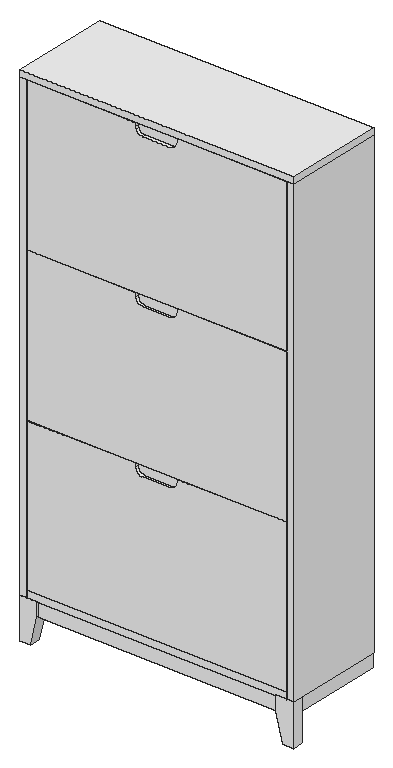
Revit family "022f5f476aee45979723fed7a5d9fd41", category Mobilier, Revit 2021
Family settings
  Numéro OmniClass = 23.40.20.00
  Titre OmniClass = General Furniture and Specialties
  Basée sur le plan de construction = Non
  Toujours verticalement = Oui
  Couper avec des vides une fois chargée = Non
  Partagée = Non
  Point de calcul de pièce = Non
Parameters (values of type "79 x 29 x 148 cm - Blanc brillant")
  Elévation par défaut = 0 mm
  Profondeur = 290 mm
  Mobilier = Aggloméré - Blanc brillant
  Largeur = 790 mm
  Hauteur = 1480 mm
Types (3, lengths in mm): name | Mobilier
  (no name) | Aggloméré - Blanc brillant
  79 x 29 x 148 cm - Blanc brillant | Aggloméré - Blanc brillant
  79 x 29 x 148 cm - Noir brillant | Aggloméré - Noir brillant
Reference planes
  plane 1 "Centre (avant/arrière)": y = 0
  plane 2: z = 0
  plane 3 "Centre (gauche/droite)": x = 0
  plane 4: x = -395
  plane 5: x = 395
  plane 6: y = -290
  plane 7: z = 1480
  plane 8: z = 120
  plane 9: z = 1461
  plane 10: z = 139
  plane 11: z = 579.667
  plane 12: z = 1020.333
Forms (mm)
  Extrusion 1, solid, material "Aggloméré - Blanc brillant" <- "Mobilier"
    sketch origin (-788.583, -290, 1200) x (-1, 0, 0) y (0, 0, 1)
      loop
        line (-393.583, -1200) -> (-393.583, -1080) -> (-443.583, -1080) -> (-443.583, -1120) -> (-423.583, -1200) -> (-393.583, -1200)
      loop
        line (-1183.583, -1200) -> (-1153.583, -1200) -> (-1133.583, -1120) -> (-1133.583, -1080) -> (-1183.583, -1080) -> (-1183.583, -1200)
    from 0 to 30
  Extrusion 2, solid, material "Aggloméré - Blanc brillant" <- "Mobilier"
    sketch origin (-788.583, -290, 1200) x (-1, 0, 0) y (0, 0, 1)
      loop
        line (-443.583, -1080) -> (-1133.583, -1080) -> (-1133.583, -1120) -> (-443.583, -1120) -> (-443.583, -1080)
    from 1 to 29
  Extrusion 3, solid, material "Aggloméré - Blanc brillant" <- "Mobilier"
    sketch origin (-395, 178.469, 1200) x (0, 1, 0) y (0, 0, 1)
      loop
        line (-178.469, -1080) -> (-438.469, -1080) -> (-438.469, -1120) -> (-178.469, -1120) -> (-178.469, -1080)
    from 1 to 29
  Extrusion 4, solid, material "Aggloméré - Blanc brillant" <- "Mobilier"
    sketch origin (395, 178.469, 1200) x (0, 1, 0) y (0, 0, 1)
      loop
        line (-178.469, -1080) -> (-438.469, -1080) -> (-438.469, -1120) -> (-178.469, -1120) -> (-178.469, -1080)
    from -1 to -29
  Extrusion 5, solid, material "Aggloméré - Blanc brillant" <- "Mobilier"
    sketch origin (0, 223.958, 120) x (0, 1, 0) y (-1, 0, 0)
      loop
        line (-513.958, 395) -> (-513.958, 376) -> (-223.958, 376) -> (-223.958, 395) -> (-513.958, 395)
      loop
        line (-513.958, -376) -> (-513.958, -395) -> (-223.958, -395) -> (-223.958, -376) -> (-513.958, -376)
    from 0 to 1341
  Extrusion 6, solid, material "Aggloméré - Blanc brillant" <- "Mobilier"
    sketch origin (-844.046, -1524, 1461) x (-1, 0, 0) y (0, -1, 0)
      loop
        line (-449.046, -1524) -> (-449.046, -1234) -> (-1239.046, -1234) -> (-1239.046, -1524) -> (-449.046, -1524)
    from 0 to 19
  Extrusion 7, solid, material "Aggloméré - Blanc brillant" <- "Mobilier"
    sketch origin (0, 223.958, 120) x (0, 1, 0) y (-1, 0, 0)
      loop
        line (-223.958, 376) -> (-513.958, 376) -> (-513.958, -376) -> (-223.958, -376) -> (-223.958, 376)
    from 0 to 19
  Extrusion 8, solid, material "Aggloméré - Blanc brillant" <- "Mobilier"
    sketch origin (0, 0, 0) x (1, 0, 0) y (0, 0, 1)
      loop
        line (376, 139) -> (376, 1461) -> (-376, 1461) -> (-376, 139) -> (376, 139)
    from 0 to 5
  Extrusion 9, solid, material "Aggloméré - Blanc brillant" <- "Mobilier"
    sketch origin (-788.583, -290, 1200) x (-1, 0, 0) y (0, 0, 1)
      loop
        line (-413.583, -619.333) -> (-413.583, -180.667) -> (-728.583, -180.667) -> (-728.583, -189.611)
        arc (-728.583, -189.611) -> (-734.527, -203.962) -> (-748.879, -209.907) r 20.296
        line (-748.879, -209.907) -> (-828.299, -209.907)
        arc (-828.299, -209.907) -> (-842.656, -203.96) -> (-848.603, -189.603) r 20.304
        line (-848.603, -189.603) -> (-848.603, -180.667) -> (-1163.583, -180.667) -> (-1163.583, -619.333) -> (-413.583, -619.333)
      loop
        line (-413.583, 260) -> (-728.583, 260) -> (-728.583, 251.009)
        arc (-728.583, 251.009) -> (-734.443, 236.86) -> (-748.591, 231) r 20.009
        line (-748.591, 231) -> (-828.595, 231)
        arc (-828.595, 231) -> (-842.743, 236.86) -> (-848.603, 251.008) r 20.008
        line (-848.603, 251.008) -> (-848.603, 260) -> (-1163.583, 260) -> (-1163.583, -178.667) -> (-413.583, -178.667) -> (-413.583, 260)
      loop
        line (-413.583, -1060) -> (-413.583, -621.333) -> (-728.583, -621.333) -> (-728.583, -630.133)
        arc (-728.583, -630.133) -> (-734.499, -644.417) -> (-748.783, -650.333) r 20.2
        line (-748.783, -650.333) -> (-828.395, -650.333)
        arc (-828.395, -650.333) -> (-842.684, -644.414) -> (-848.603, -630.125) r 20.208
        line (-848.603, -630.125) -> (-848.603, -621.333) -> (-1163.583, -621.333) -> (-1163.583, -1060) -> (-413.583, -1060)
    from 0 to 8
Dimensions and locks
  "Profondeur": plane 6 to plane 1 "Centre (avant/arrière)"
  equal spacing: plane 4, plane 3 "Centre (gauche/droite)", plane 5
  "Largeur": plane 4 to plane 5
  "Hauteur": plane 7 to level
  locked: Extrusion 1 sketch curve to plane 4 at 50
  locked: plane 8 to Extrusion 1 sketch curve at 40  (x2)
  locked: Extrusion 1 sketch curve to plane 4 at 30
  locked: plane 5 to Extrusion 1 sketch curve at 50
  locked: plane 5 to Extrusion 1 sketch curve at 30
  locked: Extrusion 2 sketch curve to plane 4 at 50
  locked: plane 5 to Extrusion 2 sketch curve at 50
  locked: plane 8 to Extrusion 2 sketch curve at 40
  locked: plane 8 to Extrusion 3 sketch curve at 40
  locked: Extrusion 3 sketch curve to plane 6 at 30
  locked: plane 8 to Extrusion 4 sketch curve at 40
  locked: plane 6 to Extrusion 4 sketch curve at 30
  locked: plane 7 to plane 9 at 19
  locked: plane 4 to Extrusion 5 sketch curve at 19
  locked: Extrusion 5 sketch curve to plane 5 at 19
  locked: plane 4 to Extrusion 7 sketch curve at 19
  locked: Extrusion 7 sketch curve to plane 5 at 19
  locked: plane 10 to plane 8 at 19
  equal spacing: plane 9, plane 12, plane 11, plane 10
  Extrusion 9 sketch curve to plane 11 to Extrusion 9 sketch curve = 1 mm locked, 1 mm locked
  locked: plane 9 to Extrusion 9 sketch curve at 1
  locked: Extrusion 9 sketch curve to plane 10 at 1
  locked: Extrusion 9 sketch curve to plane 4 at 20
  locked: plane 5 to Extrusion 9 sketch curve at 20
  Extrusion 9 sketch curve to plane 12 to Extrusion 9 sketch curve = 1 mm locked, 1 mm locked
  locked: plane 9 to Extrusion 9 sketch curve at 30
  plane 12 to Extrusion 9 sketch curve = 30.24 mm
  locked: plane 11 to Extrusion 9 sketch curve at 30
  Extrusion 9 sketch curve to plane 3 "Centre (gauche/droite)" to Extrusion 9 sketch curve = 60 mm locked, 60.02 mm locked
  aligned and locked: level to plane 2
  aligned and locked: plane 4 to Extrusion 1 sketch curve
  aligned and locked: level to Extrusion 1 sketch curve
  aligned and locked: Extrusion 1 sketch curve to plane 8
  aligned and locked: plane 8 to Extrusion 1 sketch curve
  aligned and locked: plane 5 to Extrusion 1 sketch curve
  aligned and locked: Extrusion 1 sketch curve to level
  aligned and locked: plane 8 to Extrusion 2 sketch curve
  aligned and locked: plane 8 to Extrusion 3 sketch curve
  aligned and locked: plane 1 "Centre (avant/arrière)" to Extrusion 3 sketch curve
  aligned and locked: plane 8 to Extrusion 4 sketch curve
  aligned and locked: Extrusion 4 sketch curve to plane 1 "Centre (avant/arrière)"
  aligned and locked: Extrusion 5 sketch curve to plane 1 "Centre (avant/arrière)"  (x2)
  aligned and locked: Extrusion 5 sketch curve to plane 6  (x2)
  aligned and locked: Extrusion 5 sketch curve to plane 4
  aligned and locked: plane 5 to Extrusion 5 sketch curve
  aligned and locked: plane 9 to Extrusion 5
  aligned and locked: plane 4 to Extrusion 6 sketch curve
  aligned and locked: Extrusion 6 sketch curve to plane 5
  aligned and locked: plane 1 "Centre (avant/arrière)" to Extrusion 6 sketch curve
  aligned and locked: plane 6 to Extrusion 6 sketch curve
  aligned and locked: plane 7 to Extrusion 6
  aligned and locked: plane 1 "Centre (avant/arrière)" to Extrusion 7 sketch curve
  aligned and locked: plane 6 to Extrusion 7 sketch curve
  aligned and locked: Extrusion 8 sketch curve to Extrusion 7
  aligned and locked: Extrusion 5 to Extrusion 8 sketch curve
  aligned and locked: Extrusion 6 to Extrusion 8 sketch curve
  aligned and locked: Extrusion 8 sketch curve to Extrusion 5
  aligned and locked: plane 10 to Extrusion 7
  aligned and locked: Extrusion 9 sketch curve to Extrusion 9 sketch curve  (x11)
Automatic sketch dimensions
  Extrusion 9 sketch curve to plane 11 = 9.792 mm
  Extrusion 9 sketch curve to plane 9 = 9.992 mm
  Extrusion 9 sketch curve to Extrusion 9 sketch curve = 20.304 mm
  Extrusion 9 sketch curve to plane 11 = 9.8 mm
  Extrusion 9 sketch curve to Extrusion 9 sketch curve = 20.296 mm
  Extrusion 9 sketch curve to plane 9 = 9.991 mm
